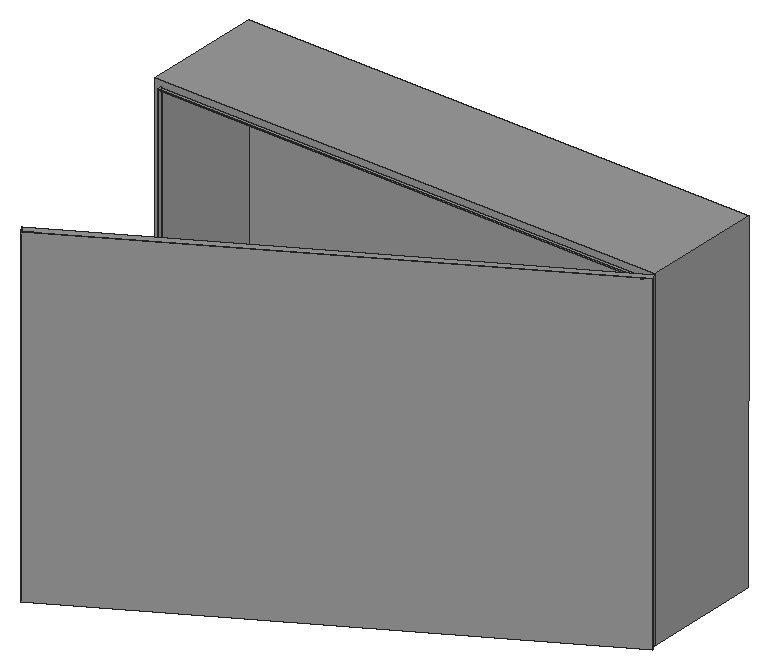
Revit family "Hager-Orion_Inox-IP55-D300-Cl.I-Inox_encl-630A-800mm-NoHosted-CH-it", category Equipement électrique, Revit 2020
Family settings
  Configuration du panneau = Deux colonnes, circuits au sein
  Cote de connecteur circulaire = Utiliser le diamètre
  Type d'élément = Tableau de raccordement
  Basée sur le plan de construction = Oui
  Toujours verticalement = Oui
  Couper avec des vides une fois chargée = Non
  Partagée = Non
  Point de calcul de pièce = Non
Parameters (values of type "A parete IP55 L1200 A800 P300  - FL055BWL")
  Width Control [instance] = if([EF000008 - Larghezza] > Min Width, [EF000008 - Larghezza], Min Width)  # 1200 mm
  Commentaires du type = [HG000003 - Gamma]  # "Orion Inox"
  Thickness Door [instance] = if([EF009171 - spessore materiale porta/coperchio] > 3 mm, 3 mm, [EF009171 - spessore materiale porta/coperchio])  # 1.5 mm
  Seal Frame Offset [instance] = 17 mm  # constant formula
  Min Width [instance] = 100 mm  # constant formula
  Min Depth [instance] = (2 * [EF009170 - spessore materiale scatola]) + 1 mm  # 4 mm
  Min Height [instance] = 100 mm  # constant formula
  Internal Frame Depth [instance] = -(Door System Depth * 0.5)  # -9 mm
  Panel Name [instance] = ""  # (empty or 0)
  Model = ""
  HG000027 - Altezza dello zoccolo = 0 mm
  HG000026 - A pavimento = no
  HG000024 - Altezza della sezione inferiore = 600 mm
  HG000023 - Custodia a doppia sezione = no
  HG000016 - Visibilità delle porte nella vista 3D [instance] = yes
  HG000015 - Visibilità attraverso la porta [instance] = no
  HG000014 - Porta destra [instance] = yes
  HG000013 - Porta sinistra [instance] = not([HG000014 - Porta destra])  # no
  HG000012 - Angolo di apertura della porta [instance] = 30.00°
  HG000010 - Porte asimmetriche = no
  HG000009 - Porta doppia a battente = no
  HG000006 - Ad incasso = no
  HG000004 - Codice produttore = "FL055BWL"
  HG000003 - Gamma = "Orion Inox"
  HG000002 - Con porta = yes
  Frame Offset Bottom [instance] = 10 mm  # constant formula
  Frame Offset [instance] = 15 mm  # constant formula
  EF015940 - Coprire con rilascio di sovrapressione = no
  EF011959 - tipo di protezione (NEMA) = ""
  EF009554 - numero delle aperture per la piastra della flangia = 0
  EF009212 - esecuzione coperchio = "EV000116 - chiuso"
  EF009171 - spessore materiale porta/coperchio = 1.5 mm
  EF009170 - spessore materiale scatola = 1.5 mm
  EF008873 - corrente nominale (In) = 630 A
  EF007800 - adatto per parafulmine = no
  EF006306 - con serratura = yes
  EF006244 - coperchio/porta trasparente = no
  EF005474 - grado di protezione (IP) = "EV006420 - IP55"
  EF004464 - tipo di porta = "EV003602 - doppio"
  EF004427 - numero di moduli = 0
  EF004293 - resistenza agli urti = "EV008784 - IK10"
  EF003532 - adatto per uso esterno = yes
  EF002950 - Numero moduli DIN = 0
  EF001613 - Integrità del circuito = "EV000494 - senza"
  EF001596 - Attacco Lampada = "EV000166 - acciaio inossidabile"
  EF001131 - profondità interna = 266 mm
  EF001088 - possibilità di applicazione = yes
  EF000437 - numero di ingressi per conduttori = 0
  EF000339 - tipo di copertura = "EV004216 - porta"
  EF000266 - numero di file = 0
  EF000218 - profondità di incasso = 0 mm
  EF000118 - con piastra di montaggio = no
  EF000116 - numero RAL = ""
  EF000049 - profondità = 300 mm
  EF000040 - Altezza = 800 mm
  EF000008 - Larghezza = 1200 mm
  EF000007 - colore = "EV000154 - altri"
  EF000003 - Tipo di montaggio = "EV000384 - A parete"
  Door System Leaf Tolerance [instance] = 1.5 mm  # constant formula
  Door System Depth [instance] = 18 mm  # constant formula
  Description = ""
  Default Elevation = 1219.2 mm
  Connector Offset [instance] = Height Control / 2  # 400 mm
  Fabricant = "Hager"  # constant formula
  Height Control [instance] = if([EF000040 - Altezza] > Min Height, [EF000040 - Altezza], Min Height)  # 800 mm
  Depth Control [instance] = if([EF000049 - profondità] > Min Depth, [EF000049 - profondità], Min Depth)  # 300 mm
Types (4, lengths in mm): name | Width Control | HG000004 - Codice produttore | EF000008 - Larghezza
  A parete IP55 L1000 A800 P300  - FL054BW | 1000 | "FL054BW" | 1000
  A parete IP55 L1000 A800 P300  - FL054BWL | 1000 | "FL054BWL" | 1000
  A parete IP55 L1200 A800 P300  - FL055BW | 1200 | "FL055BW" | 1200
  A parete IP55 L1200 A800 P300  - FL055BWL | 1200 | "FL055BWL" | 1200
Reference planes
  plane 1 "Center (Front/Back)": y = 0
  plane 2: z = 0
  plane 3 "Center (Left/Right)": x = 0
  plane 4: y = 0
  plane 5: y = 0
  plane 6: z = 0
  plane 7: x = -600
  plane 8: x = 600
  plane 9: x = 598.5
  plane 10: x = -598.5
  plane 11: z = 0
  plane 12: z = 1.5
  plane 13: y = -300
  plane 14: y = -1.5
  plane 15: x = 0
  plane 16: y = -282
  plane 17: y = -298.5
  plane 18: y = -280.5
  plane 19: x = -583.5
  plane 20: x = 583.5
  plane 21: z = 11.5
  plane 22: x = -583
  plane 23: x = 583
  plane 24: z = 0
  plane 25: z = 800
  plane 26: z = 800
  plane 27: z = 783.5
  plane 28: z = 798.5
Forms (mm)
  Extrusion 1, solid, material "Hager_Stainless_Steel", detail levels medium+fine
    sketch origin (-208.679, -4572, 0) x (-1, 0, 0) y (0, -1, 0)
      loop
        line (391.321, -4290) -> (-808.679, -4290) -> (-808.679, -4572) -> (391.321, -4572) -> (391.321, -4290)
    from 0 to 800
  Extrusion 2, void
    sketch origin (-350.771, -300, 1219.2) x (1, 0, 0) y (0, 0, 1)
      loop
        line (-247.729, -420.7) -> (-247.729, -1217.7) -> (949.271, -1217.7) -> (949.271, -420.7) -> (-247.729, -420.7)
    from -19.5 to -298.5
  Extrusion 3, void
    sketch origin (-290.084, -282, 1219.2) x (1, 0, 0) y (0, 0, 1)
      loop
        line (-293.416, -1207.7) -> (873.584, -1207.7) -> (873.584, -435.7) -> (-293.416, -435.7) -> (-293.416, -1207.7)
    from 0 to -1.5
  Extrusion 4, solid, material "Hager_Stainless_Steel", detail levels fine
    sketch origin (-290.084, -282, 1219.2) x (-1, 0, 0) y (0, 0, 1)
      loop
        line (-873.584, -1207.7) -> (293.416, -1207.7) -> (293.416, -435.7) -> (-873.584, -435.7) -> (-873.584, -1207.7)
      loop
        line (-875.084, -1209.2) -> (294.916, -1209.2) -> (294.916, -434.2) -> (-875.084, -434.2) -> (-875.084, -1209.2)
    from 0 to -9 <- "Internal Frame Depth"
  Extrusion 5, solid, material "Hager_Stainless_Steel", detail levels coarse
    sketch origin (0, 0, 0) x (1, 0, 0) y (0, 1, 0)
      loop
        line (-600, 0) -> (-600, -300) -> (600, -300) -> (600, 0) -> (-600, 0)
    from 0 to 800 <- "Height Control"
Cuts and joins
  Extrusion 2, Extrusion 3 cuts Extrusion 1
Lines and regions (mm)
  Masking region 1
    outline origin (0, 0, 0) x (1, 0, 0) y (0, 1, 0)
      loop
        line (-600, 0) -> (-600, -300) -> (600, -300) -> (600, 0) -> (-600, 0)
  Masking region 2
    outline origin (-290.084, -282, 1219.2) x (-1, 0, 0) y (0, 0, 1)
      loop
        line (-890.084, -1219.2) -> (309.916, -1219.2) -> (309.916, -419.2) -> (-890.084, -419.2) -> (-890.084, -1219.2)
  Masking region 3, detail levels coarse
    outline origin (0, 0, 0) x (0, 1, 0) y (0, 0, 1)
      loop
        line (0, 0) -> (0, 800) -> (-300, 800) -> (-300, 0) -> (0, 0)
  Masking region 4, detail levels medium+fine
    outline origin (0, 0, 594.038) x (0, 1, 0) y (0, 0, 1)
      loop
        line (0, -594.038) -> (0, 205.962) -> (-282, 205.962) -> (-282, -594.038) -> (0, -594.038)
Dimensions and locks
  locked: plane 1 "Center (Front/Back)" to plane 5
  "EF009170 - spessore materiale scatola": plane 7 to plane 10
  "EF009170 - spessore materiale scatola": plane 8 to plane 9
  equal spacing: plane 7, plane 3 "Center (Left/Right)", plane 8
  "Width Control": plane 7 to plane 8
  "Depth Control": plane 4 to plane 13
  "EF009170 - spessore materiale scatola": plane 4 to plane 14
  "Height Control": plane 25 to level
  "EF009170 - spessore materiale scatola": plane 12 to plane 11
  "EF009170 - spessore materiale scatola": plane 17 to plane 13
  "EF009170 - spessore materiale scatola": plane 18 to plane 16
  "Frame Offset Bottom": plane 21 to plane 12
  "Frame Offset": plane 10 to plane 19
  "Frame Offset": plane 9 to plane 20
  "Door System Depth": plane 16 to plane 13
  "Seal Frame Offset": plane 7 to plane 22
  "Seal Frame Offset": plane 8 to plane 23
  "EF009170 - spessore materiale scatola": plane 26 to plane 28
  "Frame Offset": plane 28 to plane 27
  "Connector Offset": plane 2 to connector elem
  "Thickness Door": cut or joined group of Extrusion 1, Extrusion 2, Extrusion 3 to Extrusion 4 sketch curve
  "Thickness Door": Extrusion 4 sketch curve to plane 19
  "Thickness Door": Extrusion 4 sketch curve to plane 20
  "Thickness Door": Extrusion 4 sketch curve to plane 27
  aligned and locked: Extrusion 2 sketch curve to plane 12
  aligned and locked: Extrusion 2 sketch curve to plane 9
  aligned and locked: Extrusion 2 sketch curve to plane 10
  aligned and locked: Extrusion 2 to plane 14
  aligned and locked: Extrusion 1 sketch curve to plane 4
  aligned and locked: plane 8 to Extrusion 1 sketch curve
  aligned and locked: plane 7 to Extrusion 1 sketch curve
  aligned and locked: Extrusion 2 to plane 18
  aligned and locked: Extrusion 3 sketch curve to plane 19
  aligned and locked: plane 20 to Extrusion 3 sketch curve
  aligned and locked: Extrusion 3 to Extrusion 2
  aligned and locked: Extrusion 3 sketch curve to plane 21
  aligned and locked: plane 3 "Center (Left/Right)" to nested 1
  aligned and locked: Extrusion 1 sketch curve to plane 16
  aligned and locked: Masking region 1 sketch curve to plane 7
  aligned and locked: Masking region 1 sketch curve to plane 5
  aligned and locked: Masking region 1 sketch curve to plane 8
  aligned and locked: Masking region 2 sketch curve to level
  aligned and locked: level to Masking region 3 sketch curve
  aligned and locked: plane 1 "Center (Front/Back)" to Masking region 3 sketch curve
  aligned and locked: plane 13 to Masking region 3 sketch curve
  aligned and locked: Masking region 2 sketch curve to plane 8
  aligned and locked: Masking region 2 sketch curve to plane 7
  aligned and locked: plane 7 to nested 2
  aligned and locked: nested 2 to plane 5
  aligned and locked: plane 5 to Masking region 4 sketch curve
  aligned and locked: plane 26 to Masking region 4 sketch curve
  aligned and locked: Extrusion 5 sketch curve to plane 8
  aligned and locked: Extrusion 5 sketch curve to plane 7
  aligned and locked: Extrusion 5 sketch curve to plane 5
  aligned and locked: Extrusion 3 sketch curve to plane 27
  aligned and locked: Extrusion 2 sketch curve to plane 28
  aligned and locked: Extrusion 4 sketch curve to plane 27
  aligned and locked: Extrusion 4 sketch curve to plane 20
  aligned and locked: Extrusion 4 sketch curve to plane 21
  aligned and locked: Extrusion 4 sketch curve to plane 19
  aligned and locked: Masking region 2 to plane 25
  aligned and locked: Masking region 4 sketch curve to plane 24
  aligned and locked: Masking region 1 to plane 13
  aligned and locked: nested 1 to plane 16
  aligned and locked: Masking region 3 to plane 25
  aligned and locked: Masking region 4 sketch curve to plane 16
  aligned and locked: plane 24 to plane 11
  aligned and locked: plane 26 to plane 25
  aligned and locked: level to plane 24
  aligned and locked: Extrusion 1 to Masking region 3
  aligned and locked: nested 1 to level
Automatic sketch dimensions
  Extrusion 5 sketch curve to plane 13 = 0 mm
  plane 27 to Masking region 2 sketch curve = 16.5 mm
  plane 27 to Masking region 3 sketch curve = 16.5 mm
  Masking region 1 sketch curve to plane 13 = 0 mm
  Extrusion 3 sketch curve to plane 21 = 0 mm
  plane 19 to Extrusion 3 sketch curve = 0 mm
  Extrusion 3 sketch curve to plane 20 = 0 mm
Nested families
  nested 1: "EC000058_OrionInox_Door" at (0, -282, 0), Double <- "HG000009 - Porta doppia a battente", Transparent <- "EF006244 - coperchio/porta trasparente", Angle <- "HG000012 - Angolo di apertura della porta", Door_Right <- "HG000014 - Porta destra", Assymetrical <- "HG000010 - Porte asimmetriche", Door <- "HG000002 - Con porta", Width_Ctrl <- "Width Control", 3d_Door <- "HG000016 - Visibilità delle porte nella vista 3D", Clearance <- "HG000015 - Visibilità attraverso la porta", Door_Left <- "HG000013 - Porta sinistra", Width <- "Width Control", Door_Depth <- "Door System Depth", Leaf_Tolerance <- "Door System Leaf Tolerance", Height <- "Height Control", Thickness <- "Thickness Door", type "EC000058_OrionInox_Door", detail levels medium+fine
    with min_wh 4 mm, Width_Ctrl 1200 mm, Width 1200 mm, Transparent no, Thickness 1.5 mm, Seal_Material Hager_Rubber, Leaf_Width 1200 mm, Leaf_Tolerance_External_Sides 0 mm, Leaf_Tolerance 1.5 mm, Leaf_Offset 0 mm, Leaf_Height 797 mm, Leaf_2_Width 1200 mm, Leaf_2_Offset 600 mm, Leaf_1_Width 1200 mm, Leaf_1_Offset 600 mm, Height_Ctrl 800 mm, Height 800 mm, Glass_Material Hager_Glass, Double_Clearance_Ctrl no, Double no, Door_Right_Ctrl yes, Door_Right yes, Door_Material Hager_Stainless_Steel, Door_Left_Ctrl no, Door_Left no, Door_Depth 18 mm, Door yes, Clearance_Material Hager_Clearance, Clearance_Depth 1200 mm, Clearance_Ctrl no, Clearance no, Assymetrical no, Angle 30.00°, 3d_Door yes
  nested 2: "Hager_Enclosure_Symbol" at (-600, 0, 0), Height <- "Depth Control", Width <- "Width Control", type "Hager_Enclosure_Symbol"
    with Width_Ctrl 1200 mm, Width 1200 mm, Height_Ctrl 300 mm, Height 300 mm, A_Width_Int 19.688 mm, A_Width 236.25 mm, A_Height_Ctrl 262.5 mm, A_Height 262.5 mm
Connectors
  electrical at (0, 0, 400)
    settings: on plane 1 "Center (Front/Back)", index 1, voltage 0 V, apparent load 0 VA, apparent load phase1 0 VA, apparent load phase2 0 VA, apparent load phase3 0 VA, power factor 1, load classification "Other", number of poles 1, system type 30, power factor state 1, is connector primary yes, connector utility no, sub classification motor no, connector description ""
Definition of nested family "EC000058_OrionInox_Door"
  Parameters (values of type "EC000058_OrionInox_Door")
    min_wh [instance] = (2 * Thickness) + 1 mm  # 11 mm
    Width_Ctrl [instance] = 400 mm
    Width [instance] = 500 mm
    Transparent [instance] = yes
    Thickness [instance] = 5 mm
    Seal_Material [instance] = none
    Leaf_Width [instance] = if((Width_Ctrl - 2 * Leaf_Tolerance_External_Sides) > 0 mm, (Width_Ctrl - 2 * Leaf_Tolerance_External_Sides), min_wh)  # 400 mm
    Leaf_Tolerance_External_Sides [instance] = 0 mm  # constant formula
    Leaf_Tolerance [instance] = 1.5 mm
    Leaf_Offset [instance] = 0 mm  # constant formula
    Leaf_Height [instance] = if((Height_Ctrl - 2 * Leaf_Tolerance) > 0 mm, (Height_Ctrl - 2 * Leaf_Tolerance), min_wh)  # 497 mm
    Leaf_2_Width [instance] = if(and(and(Double, Assymetrical), Door_Left), (Leaf_Width / 3) - (Leaf_Tolerance / 2), if(and(and(Double, Assymetrical), Door_Right), (Leaf_Width / 3) * 2 - (Leaf_Tolerance / 2), if(and(Double, not(Assymetrical)), (Leaf_Width / 2) - Leaf_Tolerance, Leaf_Width)))  # 400 mm
    Leaf_2_Offset [instance] = if(and(Double, Assymetrical), Leaf_2_Width / 2, if(and(Double, not(Assymetrical)), Leaf_Width / 4, Leaf_Width / 2))  # 200 mm
    Leaf_1_Width [instance] = if(and(and(Double, Assymetrical), Door_Right), (Leaf_Width / 3) - (Leaf_Tolerance / 2), if(and(and(Double, Assymetrical), Door_Left), (Width / 3) * 2 - (Leaf_Tolerance / 2), if(and(Double, not(Assymetrical)), (Leaf_Width / 2) - Leaf_Tolerance, Leaf_Width)))  # 400 mm
    Leaf_1_Offset [instance] = if(and(Double, Assymetrical), Leaf_1_Width / 2, if(and(Double, not(Assymetrical)), Leaf_Width / 4, Leaf_Width / 2))  # 200 mm
    Height_Ctrl [instance] = if(Height > min_wh, Height, min_wh)  # 500 mm
    Height [instance] = 500 mm
    Glass_Material [instance] = none
    Double_Clearance_Ctrl [instance] = and(Double, Clearance)  # no
    Double [instance] = no
    Door_Right_Ctrl [instance] = and(or(Door_Right, Double), Door)  # yes
    Door_Right [instance] = yes
    Door_Material [instance] = none
    Door_Left_Ctrl [instance] = and(or(Door_Left, Double), Door)  # no
    Door_Left [instance] = no
    Door_Depth [instance] = 30 mm
    Door [instance] = yes
    Default Elevation = 1219.2 mm
    Clearance_Material [instance] = none
    Clearance_Depth [instance] = if(Leaf_1_Width > Leaf_2_Width, Leaf_1_Width, Leaf_2_Width)  # 400 mm
    Clearance_Ctrl [instance] = and(not(Double), Clearance)  # yes
    Clearance [instance] = yes
    Assymetrical [instance] = yes
    Angle [instance] = 30.00°
    3d_Door [instance] = yes
  Reference planes
    plane 1 "Center (Front/Back)": y = 0
    plane 2 "Bottom": z = 0
    plane 3 "Center (Left/Right)": x = 0
    plane 4: z = 500
    plane 5: x = -200
    plane 6: x = 200
    plane 7: z = 500
    plane 8: x = -200
    plane 9: z = 0
    plane 10: x = 200
    plane 11: y = 0
    plane 12: z = 1.5
    plane 13: x = -600
    plane 14: y = -400
    plane 15: x = 600
    plane 16: x = 0
    plane 17: x = 0
    plane 18: x = -200
    plane 19: x = 200
    plane 20: z = 498.5
  Forms (mm)
    Extrusion 1, solid, material <- "Clearance_Material", visible <- "Double_Clearance_Ctrl"
      sketch origin (1200, 0, 0) x (1, 0, 0) y (0, 0, -1)
        loop
          line (-1800, -498.5) -> (-600, -498.5) -> (-600, 0) -> (-1800, 0) -> (-1800, -498.5)
      from 0 to -400
  Dimensions and locks
    equal spacing: plane 5, plane 3 "Center (Left/Right)", plane 6
    "Width_Ctrl": plane 5 to plane 6
    "Leaf_Offset": plane 5 to plane 8
    "Leaf_Offset": plane 6 to plane 10
    "Leaf_Offset": plane 9 to level
    "Leaf_Offset": plane 4 to plane 7
    "Height_Ctrl": plane 4 to level
    "Leaf_Tolerance": plane 12 to plane 9
    locked: plane 11 to plane 1 "Center (Front/Back)"
    "Leaf_1_Offset": plane 18 to plane 16
    "Leaf_2_Offset": plane 17 to plane 19
    "Leaf_1_Width": plane 13 to plane 8
    "Leaf_2_Width": plane 10 to plane 15
    "Clearance_Depth": plane 14 to plane 1 "Center (Front/Back)"
    "Leaf_Tolerance_External_Sides": plane 8 to plane 18
    "Leaf_Tolerance_External_Sides": plane 19 to plane 10
    "Leaf_Tolerance": plane 7 to plane 20
    aligned and locked: level to plane 2 "Bottom"
    aligned and locked: nested 1 to plane 16
    aligned and locked: nested 2 to plane 17
    aligned and locked: Extrusion 1 to plane 13
    aligned and locked: plane 15 to Extrusion 1
    aligned and locked: Extrusion 1 to plane 14
    aligned and locked: plane 12 to nested 1
    aligned and locked: nested 2 to plane 12
    aligned and locked: Extrusion 1 to plane 11
    aligned and locked: plane 20 to Extrusion 1
    aligned and locked: nested 2 to plane 11
    aligned and locked: nested 1 to plane 11
  Automatic sketch dimensions
    Extrusion 1 sketch curve to level = 0 mm
    plane 5 to Extrusion 1 sketch curve = 400 mm
    plane 6 to Extrusion 1 sketch curve = 400 mm
    Extrusion 1 sketch curve to plane 4 = 1.5 mm
  Nested families
    nested 1: "EC000058_OrionInox_Door_Leaf" at (0, 0, 1.5), Width <- "Leaf_1_Width", visible <- "Door_Left_Ctrl", Leaf_Height <- "Leaf_Height", Angle <- "Angle", 3d_Door <- "3d_Door", Transparent <- "Transparent", Clearance Material <- "Clearance_Material", Clearance <- "Clearance_Ctrl", Door_Material <- "Door_Material", Glass_Material <- "Glass_Material", Door_Depth <- "Door_Depth", Seal_Material <- "Seal_Material", Thickness <- "Thickness", type "EC000058_OrionInox_Door_Leaf"
      with Width 400 mm, Transparent_Ctrl yes, Transparent yes, Thickness 5 mm, Standard no, Seal_Material none, Seal_D2 8 mm, Seal_D1 1 mm, Offset_Internal_Frame 10 mm, Lock_Width 28 mm, Lock_Thickness 2 mm, Lock_Radius 6 mm, Leaf_Height 497 mm, Internal_Seal_Thickness 8 mm, Internal_Seal_Depth_2 4.5 mm, Internal_Frame_Depth 25 mm, Glass_Thickness -1 mm, Glass_Offset -2 mm, Glass_Material none, Door_Material none, Door_Depth 30 mm, Clearance Material none, Clearance yes, Angle_Ctrl 30.00°, Angle 30.00°, 3d_Door yes
    nested 2: "EC000058_OrionInox_Door_Leaf" at (0, 0, 1.5) x (-1, 0, 0) z (0, 0, 1), Width <- "Leaf_2_Width", visible <- "Door_Right_Ctrl", Leaf_Height <- "Leaf_Height", Angle <- "Angle", 3d_Door <- "3d_Door", Transparent <- "Transparent", Clearance Material <- "Clearance_Material", Clearance <- "Clearance_Ctrl", Door_Material <- "Door_Material", Glass_Material <- "Glass_Material", Door_Depth <- "Door_Depth", Seal_Material <- "Seal_Material", Thickness <- "Thickness", type "EC000058_OrionInox_Door_Leaf"
      with Width 400 mm, Transparent_Ctrl yes, Transparent yes, Thickness 5 mm, Standard no, Seal_Material none, Seal_D2 8 mm, Seal_D1 1 mm, Offset_Internal_Frame 10 mm, Lock_Width 28 mm, Lock_Thickness 2 mm, Lock_Radius 6 mm, Leaf_Height 497 mm, Internal_Seal_Thickness 8 mm, Internal_Seal_Depth_2 4.5 mm, Internal_Frame_Depth 25 mm, Glass_Thickness -1 mm, Glass_Offset -2 mm, Glass_Material none, Door_Material none, Door_Depth 30 mm, Clearance Material none, Clearance yes, Angle_Ctrl 30.00°, Angle 30.00°, 3d_Door yes
  Definition of nested family "EC000058_OrionInox_Door_Leaf"
    Parameters (values of type "EC000058_OrionInox_Door_Leaf")
      Width [instance] = 450 mm
      Transparent_Ctrl [instance] = and(Transparent, [3d_Door])  # yes
      Transparent [instance] = yes
      Thickness [instance] = 5 mm
      Standard [instance] = and(not(Transparent), [3d_Door])  # no
      Seal_Material [instance] = none
      Seal_D2 [instance] = 8 mm  # constant formula
      Seal_D1 [instance] = 1 mm  # constant formula
      Offset_Internal_Frame [instance] = 10 mm  # constant formula
      Lock_Width [instance] = Door_Depth - Lock_Thickness  # 28 mm
      Lock_Thickness [instance] = 2 mm  # constant formula
      Lock_Radius [instance] = 6 mm  # constant formula
      Leaf_Height [instance] = 450 mm
      Internal_Seal_Thickness [instance] = 8 mm  # constant formula
      Internal_Seal_Depth_2 [instance] = 4.5 mm  # constant formula
      Internal_Frame_Depth [instance] = if(Door_Depth - Thickness > 5 mm, Door_Depth - Thickness, 5 mm)  # 25 mm
      Glass_Thickness [instance] = if(Thickness > 15 mm, Glass_Offset + 10 mm, -1 mm)  # -1 mm
      Glass_Offset [instance] = if(Thickness > 15 mm, -(Thickness + 10 mm) / 2, -2 mm)  # -2 mm
      Glass_Material [instance] = none
      Door_Material [instance] = none
      Door_Depth [instance] = 30 mm
      Default Elevation = 0 mm
      Clearance Material [instance] = none
      Clearance [instance] = yes
      Angle_Ctrl [instance] = if(Angle > 180.00°, 180.00°, Angle)  # 90.00°
      Angle [instance] = 90.00°
      3d_Door [instance] = yes
    Reference planes
      plane 1 "Center (Front/Back)": y = 0
      plane 2: z = 0
      plane 3 "Center (Left/Right)": x = 0
      plane 4: y = 450
      plane 5: x = -225
      plane 6: x = 225
      plane 7: x = -675
      plane 8: z = 450
      plane 9: z = 30
      plane 10: z = 420
      plane 11: x = 195
      plane 12: x = -195
      plane 13: y = -3
      plane 14: z = 107.833
      plane 15: y = -5
      plane 16: y = -223.314
      plane 17: x = -225
      plane 18: y = 30
    Forms (mm)
      Extrusion 1, solid, material <- "Clearance Material", visible <- "Clearance"
        sketch origin (0, 0, 0) x (1, 0, 0) y (0, 0, 1)
          loop
            line (-675, 450) -> (-675, 0) -> (225, 0) -> (225, 450) -> (-675, 450)
        from 0 to -450
      Extrusion 2, solid, material <- "Door_Material", visible <- "Standard", detail levels medium+fine
        sketch origin (-225, 0, 0) x (0, 1, 0) y (-1, 0, 0)
          loop
            line (0, 30) -> (0, 25) -> (450, 25) -> (450, 30) -> (0, 30)
        from 0 to 450 <- "Leaf_Height"
      Extrusion 3, solid, material <- "Door_Material", visible <- "Transparent_Ctrl", detail levels medium+fine
        sketch origin (-225, 0, 0) x (0, 1, 0) y (-1, 0, 0)
          loop
            line (0, 25) -> (450, 25) -> (450, 30) -> (0, 30) -> (0, 25)
        from 0 to 450 <- "Leaf_Height"
      Extrusion 4, void
        sketch origin (-250, 450, 0) x (0, 1, 0) y (0, 0, -1)
          loop
            line (-30, -420) -> (-30, -30) -> (-420, -30) -> (-420, -420) -> (-30, -420)
        from 0 to 5 <- "Thickness"
      Sweep 5, solid, material <- "Seal_Material", visible <- "Transparent_Ctrl", detail levels fine
        path in 3D
          loop
            line (-250, 30, 30) -> (-250, 30, 420) -> (-250, 420, 420) -> (-250, 420, 30) -> (-250, 30, 30)
        profile origin (-250, 225, 30) x (1, 0, 0) y (0, 0, 1)
          loop
            line (0, 0) -> (0, -8) -> (1, -8) -> (1, 0) -> (0, 0)
      Extrusion 6, solid, material <- "Glass_Material", visible <- "Transparent_Ctrl", detail levels medium+fine
        sketch origin (-255, 0, 0) x (0, 1, 0) y (0, 0, -1)
          loop
            line (420, -420) -> (420, -30) -> (30, -30) -> (30, -420) -> (420, -420)
        from -2 <- "Glass_Offset" to -1 <- "Glass_Thickness"
      Extrusion 7, solid, material <- "Door_Material", visible <- "3d_Door", detail levels medium+fine
        sketch origin (-250, 450, 0) x (0, -1, 0) y (0, 0, -1)
          loop
            line (0, -450) -> (450, -450) -> (450, 0) -> (0, 0) -> (0, -450)
          loop
            line (445, -5) -> (5, -5) -> (5, -445) -> (445, -445) -> (445, -5)
        from 0 to 25 <- "Internal_Frame_Depth"
      Sweep 8, solid, material <- "Seal_Material", visible <- "Transparent_Ctrl", detail levels fine
        path in 3D
          loop
            line (-250, 0, 0) -> (-250, 450, 0) -> (-250, 450, 450) -> (-250, 0, 450) -> (-250, 0, 0)
        profile origin (-250, 0, 225) x (1, 0, 0) y (0, 1, 0)
          loop
            line (0, 10) -> (2.975, 10)
            arc (2.975, 10) -> (4.053, 10.447) -> (4.5, 11.525) r 1.525
            line (4.5, 11.525) -> (4.5, 16.527)
            arc (4.5, 16.527) -> (4.069, 17.569) -> (3.027, 18) r 1.473
            line (3.027, 18) -> (0, 18) -> (0, 10)
    Cuts and joins
      Extrusion 4 cuts Extrusion 3
    Lines and regions (mm)
      Masking region 1, detail levels medium+fine
        outline origin (0, 0, 0) x (0, 1, 0) y (0, 0, 1)
          loop
            line (0, 0) -> (30, 0) -> (30, 450) -> (0, 450) -> (0, 0)
      Masking region 2, detail levels medium+fine
        outline origin (0, 0, 0) x (1, 0, 0) y (0, 0, 1)
          loop
            line (-225, 450) -> (-225, 0) -> (225, 0) -> (225, 450) -> (-225, 450)
      symbolic lines
        curve 1: line (225, 0, 0) -> (-675, 0, 0)
        curve 2: arc (225, 0, 0) -> (-225, 450, 0) -> (-675, 0, 0) r 450
        curve 4: line (-255, 0, 0) -> (-255, 450, 0)
      reference lines
        curve 3: line (-225, 0, 0) -> (-225, 450, 0)
      symbolic lines, detail levels medium+fine
        curve 5: line (-255, 450, 0) -> (-250, 450, 0)
        curve 7: line (-250, 0, 0) -> (-255, 0, 0)
        curve 8: line (-250, 0, 0) -> (-225, 0, 0)
        curve 9: line (-225, 0, 0) -> (-225, 450, 0)
        curve 10: line (-225, 450, 0) -> (-250, 450, 0)
      symbolic lines, detail levels fine
        curve 6: line (-250, 450, 0) -> (-250, 0, 0)
      sketch lines
        curve 11: line (-250, 0, 450) -> (-250, 0, 0)
        curve 12: line (-250, 450, 0) -> (-250, 0, 0)
        curve 13: line (-250, 450, 450) -> (-250, 450, 0)
        curve 14: line (-250, 0, 450) -> (-250, 450, 450)
        curve 15: line (-250, 420, 30) -> (-250, 30, 30)
        curve 16: line (-250, 30, 30) -> (-250, 30, 420)
        curve 17: line (-250, 420, 420) -> (-250, 420, 30)
        curve 18: line (-250, 30, 420) -> (-250, 420, 420)
      symbolic lines, visible <- "Transparent", detail levels medium+fine
        curve 19: line (-195, 0, 420) -> (195, 0, 420)
        curve 20: line (-195, 0, 30) -> (-195, 0, 420)
        curve 21: line (195, 0, 30) -> (-195, 0, 30)
        curve 22: line (195, 0, 420) -> (195, 0, 30)
    Dimensions and locks
      "Width": plane 1 "Center (Front/Back)" to plane 4
      equal spacing: plane 5, plane 3 "Center (Left/Right)", plane 6
      "Width": plane 5 to plane 6
      "Width": plane 7 to plane 5
      "Leaf_Height": plane 8 to level
      "Width": curve 5 to curve 3
      "Width": curve 3 to curve 3
      plane 8 to plane 10 = 30 mm
      plane 9 to level = 30 mm
      plane 12 to plane 5 = 30 mm
      plane 6 to plane 11 = 30 mm
      Extrusion 4 sketch curve to Extrusion 3 = 30 mm
      Extrusion 3 to Extrusion 4 sketch curve = 30 mm
      Extrusion 1 to Extrusion 4 sketch curve = 30 mm
      curve 3 to Extrusion 4 sketch curve = 30 mm
      Extrusion 4 sketch curve to cut or joined group of Extrusion 3, Extrusion 4 = 30 mm
      cut or joined group of Extrusion 3, Extrusion 4 to Extrusion 6 sketch curve = 30 mm
      cut or joined group of Extrusion 3, Extrusion 4 to Extrusion 4 sketch curve = 30 mm
      "Thickness": curve 6 to curve 4
      "Thickness": Extrusion 7 sketch curve to Extrusion 7 sketch curve  (x4)
      "Door_Depth": curve 4 to curve 3
      "Offset_Internal_Frame": profile plane to Sweep 8 sketch curve
      "Internal_Seal_Thickness": Sweep 8 sketch curve to Sweep 8 sketch curve
      "Internal_Seal_Depth_2": profile plane to Sweep 8 sketch curve
      "Seal_D1": profile plane to Sweep 5 sketch curve
      "Seal_D2": profile plane to Sweep 5 sketch curve
      "Thickness": Extrusion 2 sketch curve to Extrusion 2 sketch curve
      "Door_Depth": plane 18 to plane 1 "Center (Front/Back)"
      radius of Sweep 8 sketch curve = 1.525 mm
      radius of Sweep 8 sketch curve = 1.473 mm
      "Angle_Ctrl": angle plane 1 "Center (Front/Back)" to curve 3
      aligned and locked: level to plane 2
      aligned and locked: Extrusion 1 to curve 1
      aligned and locked: plane 6 to Extrusion 1
      aligned and locked: plane 1 "Center (Front/Back)" to Extrusion 1
      aligned and locked: plane 4 to Extrusion 1
      aligned and locked: plane 8 to Extrusion 1
      aligned and locked: curve 7 to Extrusion 2 sketch curve
      aligned and locked: curve 5 to Extrusion 2 sketch curve
      aligned and locked: curve 7 to Extrusion 3 sketch curve
      aligned and locked: Extrusion 3 sketch curve to curve 4
      aligned and locked: Extrusion 3 sketch curve to curve 6
      aligned and locked: Extrusion 3 sketch curve to curve 5
      aligned and locked: curve 9 to curve 3
      aligned and locked: Extrusion 7 sketch curve to cut or joined group of Extrusion 3, Extrusion 4  (x4)
      aligned and locked: plane 17 to curve 3
      aligned and locked: plane 1 "Center (Front/Back)" to curve 3
      aligned and locked: plane 17 to plane 5
      aligned and locked: Sweep 8 sketch curve to profile plane
      aligned and locked: Sweep 5 sketch curve to profile plane  (x2)
      aligned and locked: plane 1 "Center (Front/Back)" to Masking region 1 sketch curve
      aligned and locked: plane 18 to Masking region 1 sketch curve
      aligned and locked: level to Masking region 1 sketch curve
      aligned and locked: Masking region 1 sketch curve to plane 8
      aligned and locked: plane 17 to Masking region 2 sketch curve
      aligned and locked: level to Masking region 2 sketch curve
      aligned and locked: Masking region 2 sketch curve to plane 8
      aligned and locked: plane 12 to curve 20
      aligned and locked: plane 10 to curve 19
      aligned and locked: plane 11 to curve 22
      aligned and locked: plane 9 to curve 21
      aligned and locked: Extrusion 2 sketch curve to cut or joined group of Extrusion 3, Extrusion 4
    Automatic sketch dimensions
      plane 1 "Center (Front/Back)" to curve 2 = 0 mm
      curve 2 to plane 5 = 0 mm
      Extrusion 1 sketch curve to level = 0 mm
      Extrusion 1 sketch curve to plane 7 = 0 mm
      Extrusion 1 sketch curve to plane 6 = 0 mm
      Extrusion 1 sketch curve to plane 8 = 0 mm
      Extrusion 3 to Extrusion 6 sketch curve = 30 mm  (x4)
      Masking region 2 sketch curve to plane 6 = 0 mm
      curve 4 to curve 3 = 0 mm
Definition of nested family "Hager_Enclosure_Symbol"
  Parameters (values of type "Hager_Enclosure_Symbol")
    Width_Ctrl [instance] = if(Width > 1 mm, Width, 1 mm)  # 102.27 mm
    Width [instance] = 102.27 mm
    Height_Ctrl [instance] = if(Height > 1 mm, Height, 1 mm)  # 66.5 mm
    A_Width_Int [instance] = if(A_Width / 12 > 2 mm, A_Width / 12, 2 mm)  # 4.364 mm
    A_Width [instance] = if(A_Height_Ctrl * 0.9 > 2 mm, A_Height_Ctrl * 0.9, 2 mm)  # 52.369 mm
    A_Height_Ctrl [instance] = if(A_Height > 2 mm, A_Height, 2 mm)  # 58.188 mm
    Height [instance] = 66.5 mm
    A_Height [instance] = Height - (Height / 8)  # 58.188 mm
  Reference planes
    plane 1 "Centre (avant/arrière)": y = 0
    plane 2: z = 0
    plane 3 "Centre (gauche/droite)": x = 0
    plane 4: x = 52.369
    plane 5: y = 33.042
    plane 6: y = 41.77
    plane 7: y = 66.5
    plane 8: x = 26.184
    plane 9: y = 37.406
    plane 10: x = 102.27
    plane 11: y = 66.5
    plane 12: y = 8.313
  Lines and regions (mm)
    Filled region 1, type "Solid_Black", in view "Niveau de réf."
      outline origin (0, 0, 0) x (1, 0, 0) y (0, 1, 0)
        loop
          line (52.369, 66.5) -> (33.188, 54.536) -> (45.365, 45.006) -> (52.369, 66.5)
    Filled region 2, type "Solid_Black", in view "Niveau de réf."
      outline origin (0, 0, 0) x (1, 0, 0) y (0, 1, 0)
        loop
          line (0, 0) -> (102.27, 0) -> (102.27, 66.5) -> (0, 0)
    detail lines, in view "Niveau de réf."
      curve 1: line (0, 8.313, 0) -> (26.184, 41.77, 0)
      curve 2: line (26.184, 41.77, 0) -> (26.184, 33.042, 0)
      curve 3: line (26.184, 33.042, 0) -> (52.369, 66.5, 0)
  Dimensions and locks
    "A_Width": plane 3 "Centre (gauche/droite)" to plane 4
    equal spacing: plane 3 "Centre (gauche/droite)", plane 8, plane 4
    equal spacing: plane 6, plane 9, plane 5
    equal spacing: curve 3, Filled region 1 sketch curve, Filled region 1 sketch curve
    "Height_Ctrl": plane 1 "Centre (avant/arrière)" to plane 11
    "A_Height_Ctrl": plane 11 to plane 12
    equal spacing: plane 11, plane 9, plane 12
    "A_Width_Int": plane 6 to plane 9
    "Width_Ctrl": plane 3 "Centre (gauche/droite)" to plane 10
    angle Filled region 1 sketch curve to curve 3 = 20.00°
    angle curve 3 to Filled region 1 sketch curve = 20.00°
    locked: curve 3 to Filled region 1 sketch curve (angle 90.00°)
    aligned and locked: plane 10 to Filled region 2
    aligned and locked: plane 11 to Filled region 2 sketch curve
    aligned and locked: plane 10 to Filled region 2 sketch curve
    aligned and locked: plane 3 "Centre (gauche/droite)" to curve 1
    aligned and locked: plane 12 to curve 1
    aligned and locked: plane 7 to plane 11
  Automatic sketch dimensions
    Filled region 1 sketch curve to plane 4 = 0 mm
    Filled region 1 sketch curve to plane 7 = 0 mm
    plane 1 "Centre (avant/arrière)" to Filled region 2 sketch curve = 0 mm
    Filled region 2 sketch curve to plane 3 "Centre (gauche/droite)" = 0 mm
    curve 2 to plane 6 = 0 mm
    curve 2 to plane 8 = 0 mm
    curve 3 to plane 4 = 0 mm
    curve 2 to plane 5 = 0 mm
    curve 3 to plane 7 = 0 mm
